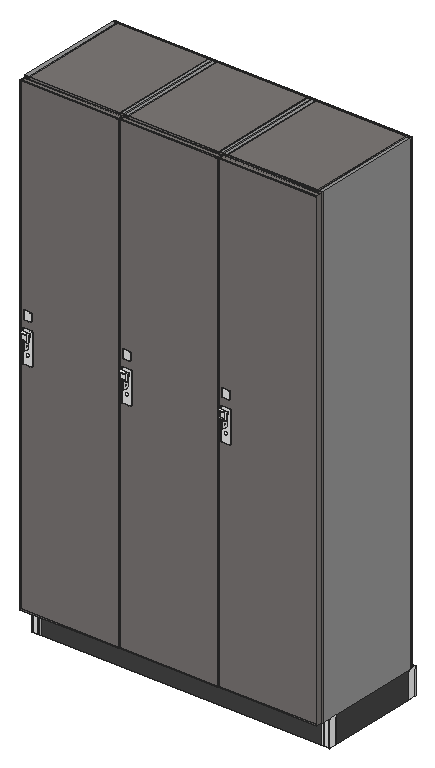
Revit family "Wood_Lockers_Hasps-Salsbury_Industries-15_41000_Series-3_Wide_Units.rfa", category Specialty Equipment, Revit 2016
Family settings
  Part Type = Normal
  Round Connector Dimension = Use Diameter
  OmniClass Number = 23.40.00.00
  OmniClass Title = Equipment and Furnishings
  Work Plane-Based = No
  Always vertical = Yes
  Cut with Voids When Loaded = No
  Shared = No
  Room Calculation Point = No
Parameters (values of type "15-41368")
  Width = 45.000"
  Version = "1.0 (01/31/24)"
  Unit Height including Sloping Hood Only [instance] = 78.868"
  Unit Height including Base Only [instance] = 76.000"
  URL = "www.lockers.com"
  Type Comments = "Premier Wood Lockers - Single Tier - with Hasps"
  Total Doors Height [instance] = if(Unit Height = 72.000", 71.750", if(Unit Height = 60.000", 59.750", 0.000"))  # 71.750"
  Sloping Top Corner Filler - Right Side [instance] = Wood Locker Sloping Corner Fillers : None
  Sloping Top Corner Filler - Left Side [instance] = Wood Locker Sloping Corner Fillers : None
  Sloping In-Line Filler - Right Side [instance] = Wood Locker Sloping In-Line Fillers : None
  Sloping In-Line Filler - Left Side = Wood Locker Sloping In-Line Fillers : None
  Sloping Hood Height = if(Depth = 15.000", 5.743", if(Depth = 18.000", 6.868", if(Depth = 21.000", 7.993", if(Depth = 24.000", 9.118", 0.000"))))  # 6.868"
  Sloping Hood [instance] = Wood Locker Sloping Hoods : None
  Side Panel without Slope - Right Side [instance] = Wood Locker Side Panels-No Slope : None
  Side Panel without Slope - Left Side [instance] = Wood Locker Side Panels-No Slope : None
  Side Panel with Slope - Right Side [instance] = Wood Locker Side Panels-With Slope : None
  Side Panel with Slope - Left Side [instance] = Wood Locker Side Panels-With Slope : None
  Secondary Structure Materials = Particle Board Industrial Grade - Salsbury Finish - Black Melamine Overlay
  Primary Structure Materials = Particle Board Industrial Grade - Salsbury Finish - Plain
  Overall Unit Height including Base and Sloping Hood [instance] = 82.868"
  OmniClass 23 Title = "Equipment and Furnishings"
  OmniClass 23 Number = "23.40.00.00"
  Model = "15-41368"
  MasterFormat Title = "Lockers"
  MasterFormat Code = "10 51 23"
  Manufacturer = "Salsbury Industries"
  Laminate Surface [instance] = Industrial Grade Particleboard with Wood Laminate - Salsbury Finish - Skyline Walnut
  Unit Height = 72.000"
  Interior Material = Textured Melamine - Salsbury Finish - White
  Individual Door Width [instance] = 14.875"
  Hardware = Aluminum - Salsbury Finish - Black Satin
  Front Vertical Filler - Right Side [instance] = Wood Locker Front Fillers : None
  Front Vertical Filler - Left Side [instance] = Wood Locker Front Fillers : None
  Front Corner Filler - Right Side [instance] = Wood Locker Front Corner Filler : None
  Front Corner Filler - Left Side [instance] = Wood Locker Front Corner Filler : None
  Flat Top In-Line Filler - Right Side [instance] = Wood Locker Flat In-Line Fillers : None
  Flat Top In-Line Filler - Left Side [instance] = Wood Locker Flat In-Line Fillers : None
  Flat Top Corner Filler - Right Side [instance] = Wood Locker Flat Corner Fillers : None
  Flat Top Corner Filler - Left Side [instance] = Wood Locker Flat Corner Fillers : None
  Fascia Filler [instance] = Wood Locker Fascia Fillers : None
  Double Side Panel without Slope - Right Side [instance] = Wood Locker Double Side Panels-No Slope : None
  Double Side Panel without Slope - Left Side [instance] = Wood Locker Double Side Panels-No Slope : None
  Double Side Panel with Slope - Right Side [instance] = Wood Locker Double Side Panels-With Slope : None
  Double Side Panel with Slope - Left Side [instance] = Wood Locker Double Side Panels-With Slope : None
  Door Location D1 = Premier Locker Doors_Hasp : Single Tier Door for Six Foot High Locker
  Description = "3 Wide - 6 Feet High - 18 inches Deep - with Base"
  Depth = 18.000"
  Compartment Width [instance] = 13.750"
  Compartment Height [instance] = if(Unit Height = 72.000", 70.500", if(Unit Height = 60.000", 58.500", 0.000"))  # 70.500"
  Compartment Depth [instance] = 16.750"
  Base Material [instance] = Particle Board Industrial Grade - Salsbury Finish - Black Melamine Overlay
  Base Height = 4.000"
  Base Depth [instance] = 16.250"
  Base = Wood Locker Bases : Base - 45" W x 18" D Lockers
  Assembly Code = "C1030310"
Reference planes (in)
  plane 1 "Center (Front/Back)": y = 0
  plane 2: z = 0
  plane 3 "Center (Left/Right)": x = 0
  plane 4 "Right Side of Unit": x = 22.5
  plane 5 "Left Side of Unit": x = -22.5
  plane 6 "Back of Unit": y = 9
  plane 7 "Front of Unit": y = -9
  plane 8 "Bottom of Base": z = 0
  plane 9 "Top Edge of Unit": z = 76
  plane 10 "Top of Base Edge": z = 4
  plane 11: z = 82.868
  plane 12 "Right Compartment 3 Edge": x = 21.906
  plane 13 "Left Compartment 1 Edge": x = -21.906
  plane 14 "Front Melamine Edge": y = -8
  plane 15 "Back Compartment Edge": y = 8.781
  plane 16 "Front Compartment Edge": y = -7.969
  plane 17 "Front Edge of Base": y = -6.625
  plane 18 "Bottom Edge of Door": z = 4.125
  plane 19 "Top Edge of Door": z = 75.875
  plane 20 "Bottom Compartment Edge": z = 4.75
  plane 21 "Top Compartment Edge": z = 75.25
  plane 22 "Center Top and Bottom": z = 40
  plane 23 "Left Melamine 1 Edge": x = -21.875
  plane 24 "Right Melamine 3 Edge": x = 21.875
  plane 25 "Back Melamine Edge": y = 8.75
  plane 26 "Left Edge of Door": x = -22.375
  plane 27: y = 9.625
  plane 28: y = -7.25
  plane 29 "Base / Ventillation Alignment": y = 9.625
  plane 30 "Compartment 1-2 Dividing Line": x = -7.5
  plane 31 "Compartment 2-3 Dividing Line": x = 7.5
  plane 32 "Right Compartment 1 Edge": x = -8.094
  plane 33 "Right Melamine 1 Edge": x = -8.125
  plane 34 "Left Compartment 2 Edge": x = -6.906
  plane 35 "Left Melamine 2 Edge": x = -6.875
  plane 36 "Right Compartment 2 Edge": x = 6.906
  plane 37 "Right Melamine 2 Edge": x = 6.875
  plane 38 "Left Compartment 3 Edge": x = 8.094
  plane 39 "Left Melamine 3 Edge": x = 8.125
  plane 40 "Compartment Shelf-top": z = 64.125
  plane 41 "Compartment Shelf-bottom": z = 63.375
  plane 42 "Compartment Extrusion Guide": z = 3.5
  plane 43 "Vertical Center of Compartment 1": x = -15
  plane 44 "Vertical Center of Compartment 3": x = 15
  plane 45: z = 75.281
  plane 46: z = 4.719
  plane 47: z = 63.406
  plane 48: z = 64.094
  plane 49 "Top of 5" Shelf": z = 58.875
  plane 50 "Bottom of 5" Shelf": z = 58.125
  plane 51 "Top of Shoe Shelf": z = 13.75
  plane 52 "Bottom of Shoe Shelf": z = 13
  plane 53 "Front of 5" Shelf": y = 3.75
  plane 54: y = 3.781
  plane 55: z = 58.844
  plane 56: z = 58.156
  plane 57: y = -2.969
  plane 58 "Front of Shoe Shelf": y = -3
Forms (in)
  Extrusion 1, solid, material "Particle Board Industrial Grade - Salsbury Finish - Plain" <- "Primary Structure Materials"
    sketch origin (22.5, 0, 0) x (0, -1, 0) y (0, 0, 1)
      loop
        line (7.969, 76) -> (-8.75, 76) -> (-8.75, 4) -> (7.969, 4) -> (7.969, 76)
    from 0 to 0.594
  Extrusion 2, solid, material "Particle Board Industrial Grade - Salsbury Finish - Plain" <- "Primary Structure Materials"
    sketch origin (-22.5, 0, 0) x (0, -1, 0) y (0, 0, 1)
      loop
        line (-8.75, 76) -> (-8.75, 4) -> (7.969, 4) -> (7.969, 76) -> (-8.75, 76)
    from 0 to -0.594
  Extrusion 3, solid, material "Particle Board Industrial Grade - Salsbury Finish - Black Melamine Overlay" <- "Secondary Structure Materials"
    sketch origin (0, 0, 4) x (0, -1, 0) y (1, 0, 0)
      loop
        line (-8.75, -21.875) -> (7.969, -21.875) -> (7.969, 21.875) -> (-8.75, 21.875) -> (-8.75, -21.875)
    from 0 to 0.719
  Extrusion 4, solid, material "Industrial Grade Particleboard with Wood Laminate - Salsbury Finish - Skyline Walnut" <- "Laminate Surface"
    sketch origin (0, 0, 76) x (0, -1, 0) y (1, 0, 0)
      loop
        line (-8.75, -21.875) -> (7.969, -21.875) -> (7.969, 21.875) -> (-8.75, 21.875) -> (-8.75, -21.875)
    from 0 to -0.75
  Extrusion 5, solid, material "Particle Board Industrial Grade - Salsbury Finish - Plain" <- "Primary Structure Materials"
    sketch origin (0, 9, 0) x (1, 0, 0) y (0, 0, 1)
      loop
        line (-22.5, 76) -> (-22.5, 4) -> (22.5, 4) -> (22.5, 76) -> (-22.5, 76)
    from 0 to 0.219
  Extrusion 6, solid, material "Industrial Grade Particleboard with Wood Laminate - Salsbury Finish - Skyline Walnut" <- "Laminate Surface"
    sketch origin (0, -7.969, 0) x (1, 0, 0) y (0, 0, 1)
      loop
        line (-22.5, 76) -> (-22.5, 4) -> (-21.875, 4) -> (-21.875, 76) -> (-22.5, 76)
    from 0 to 0.031
  Extrusion 7, solid, material "Industrial Grade Particleboard with Wood Laminate - Salsbury Finish - Skyline Walnut" <- "Laminate Surface"
    sketch origin (0, -7.969, 0) x (-1, 0, 0) y (0, 0, -1)
      loop
        line (-22.5, -76) -> (-21.875, -76) -> (-21.875, -4) -> (-22.5, -4) -> (-22.5, -76)
    from 0 to 0.031
  Extrusion 8, solid, material "Textured Melamine - Salsbury Finish - White" <- "Interior Material"
    sketch origin (0, 8.75, 0) x (1, 0, 0) y (0, 0, 1)
      loop
        line (-22.5, 76) -> (-22.5, 4) -> (22.5, 4) -> (22.5, 76) -> (-22.5, 76)
    from -0.031 to 0
  Extrusion 9, solid, material "Textured Melamine - Salsbury Finish - White" <- "Interior Material"
    sketch origin (-21.906, 0, 0) x (0, -1, 0) y (0, 0, 1)
      loop
        line (-8.75, 76) -> (-8.75, 4) -> (7.969, 4) -> (7.969, 76) -> (-8.75, 76)
    from 0 to -0.031
  Extrusion 10, solid, material "Textured Melamine - Salsbury Finish - White" <- "Interior Material"
    sketch origin (21.906, 0, 0) x (0, -1, 0) y (0, 0, 1)
      loop
        line (7.969, 76) -> (-8.75, 76) -> (-8.75, 4) -> (7.969, 4) -> (7.969, 76)
    from 0 to 0.031
  Extrusion 11, solid, material "Particle Board Industrial Grade - Salsbury Finish - Plain" <- "Primary Structure Materials", detail levels fine
    sketch origin (0, 0, 64.125) x (0, -1, 0) y (1, 0, 0)
      loop
        line (-8.75, -21.875) -> (7.969, -21.875) -> (7.969, 21.875) -> (-8.75, 21.875) -> (-8.75, -21.875)
    from -0.031 to -0.719
  Extrusion 12, void
    sketch origin (0, 0, 76) x (0, -1, 0) y (1, 0, 0)
      loop
        line (-8.75, -8.125) -> (8, -8.125) -> (8, -6.875) -> (-8.75, -6.875) -> (-8.75, -8.125)
    from -72.5 to 0
  Extrusion 13, void
    sketch origin (12, 0, 76) x (0, -1, 0) y (1, 0, 0)
      loop
        line (-8.75, -5.125) -> (8, -5.125) -> (8, -3.875) -> (-8.75, -3.875) -> (-8.75, -5.125)
    from -72.5 to 0
  Extrusion 14, solid, material "Particle Board Industrial Grade - Salsbury Finish - Plain" <- "Primary Structure Materials"
    sketch origin (6.0625, 0, 0) x (0, -1, 0) y (0, 0, 1)
      loop
        line (7.969, 76) -> (-8.75, 76) -> (-8.75, 4) -> (7.969, 4) -> (7.969, 76)
    from -1.4375 to -0.8435
  Extrusion 15, solid, material "Textured Melamine - Salsbury Finish - White" <- "Interior Material"
    sketch origin (5.4685, 0, 0) x (0, -1, 0) y (0, 0, 1)
      loop
        line (7.969, 76) -> (-8.75, 76) -> (-8.75, 4) -> (7.969, 4) -> (7.969, 76)
    from -1.4375 to -1.4065
  Extrusion 16, solid, material "Particle Board Industrial Grade - Salsbury Finish - Plain" <- "Primary Structure Materials"
    sketch origin (-5.9375, 0, 0) x (0, -1, 0) y (0, 0, 1)
      loop
        line (7.969, 76) -> (-8.75, 76) -> (-8.75, 4) -> (7.969, 4) -> (7.969, 76)
    from 1.5625 to 2.1565
  Extrusion 17, solid, material "Textured Melamine - Salsbury Finish - White" <- "Interior Material"
    sketch origin (-6.5315, 0, 0) x (0, -1, 0) y (0, 0, 1)
      loop
        line (7.969, 76) -> (-8.75, 76) -> (-8.75, 4) -> (7.969, 4) -> (7.969, 76)
    from 1.5625 to 1.5935
  Extrusion 18, solid, material "Particle Board Industrial Grade - Salsbury Finish - Plain" <- "Primary Structure Materials"
    sketch origin (-5.9375, 0, 0) x (0, -1, 0) y (0, 0, 1)
      loop
        line (-8.75, 76) -> (-8.75, 4) -> (7.969, 4) -> (7.969, 76) -> (-8.75, 76)
    from 1.5625 to 0.9685
  Extrusion 19, solid, material "Textured Melamine - Salsbury Finish - White" <- "Interior Material"
    sketch origin (-5.3435, 0, 0) x (0, -1, 0) y (0, 0, 1)
      loop
        line (-8.75, 76) -> (-8.75, 4) -> (7.969, 4) -> (7.969, 76) -> (-8.75, 76)
    from 1.5625 to 1.5315
  Extrusion 20, solid, material "Particle Board Industrial Grade - Salsbury Finish - Plain" <- "Primary Structure Materials"
    sketch origin (6.0625, 0, 0) x (0, -1, 0) y (0, 0, 1)
      loop
        line (-8.75, 76) -> (-8.75, 4) -> (7.969, 4) -> (7.969, 76) -> (-8.75, 76)
    from -1.4375 to -2.0315
  Extrusion 21, solid, material "Textured Melamine - Salsbury Finish - White" <- "Interior Material"
    sketch origin (6.6565, 0, 0) x (0, -1, 0) y (0, 0, 1)
      loop
        line (-8.75, 76) -> (-8.75, 4) -> (7.969, 4) -> (7.969, 76) -> (-8.75, 76)
    from -1.4375 to -1.4685
  Extrusion 22, solid, material "Industrial Grade Particleboard with Wood Laminate - Salsbury Finish - Skyline Walnut" <- "Laminate Surface"
    sketch origin (11.375, -7.969, 0) x (1, 0, 0) y (0, 0, 1)
      loop
        line (-19.5, 76) -> (-19.5, 4) -> (-18.25, 4) -> (-18.25, 76) -> (-19.5, 76)
    from 0 to 0.031
  Extrusion 23, solid, material "Industrial Grade Particleboard with Wood Laminate - Salsbury Finish - Skyline Walnut" <- "Laminate Surface"
    sketch origin (23.375, -7.969, 0) x (1, 0, 0) y (0, 0, 1)
      loop
        line (-16.5, 76) -> (-16.5, 4) -> (-15.25, 4) -> (-15.25, 76) -> (-16.5, 76)
    from 0 to 0.031
  Extrusion 24, solid, material "Industrial Grade Particleboard with Wood Laminate - Salsbury Finish - Skyline Walnut" <- "Laminate Surface"
    sketch origin (0, -8, 0) x (1, 0, 0) y (0, 0, 1)
      loop
        line (-21.875, 76) -> (-21.875, 75.25) -> (-8.125, 75.25) -> (-8.125, 76) -> (-21.875, 76)
      loop
        line (-6.875, 76) -> (-6.875, 75.25) -> (6.875, 75.25) -> (6.875, 76) -> (-6.875, 76)
      loop
        line (8.125, 76) -> (8.125, 75.25) -> (21.875, 75.25) -> (21.875, 76) -> (8.125, 76)
    from -0.031 to 0
  Extrusion 25, solid, material "Industrial Grade Particleboard with Wood Laminate - Salsbury Finish - Skyline Walnut" <- "Laminate Surface"
    sketch origin (0, -8, -11.875) x (1, 0, 0) y (0, 0, 1)
      loop
        line (-21.875, 76) -> (-21.875, 75.25) -> (-8.125, 75.25) -> (-8.125, 76) -> (-21.875, 76)
      loop
        line (-6.875, 76) -> (-6.875, 75.25) -> (6.875, 75.25) -> (6.875, 76) -> (-6.875, 76)
      loop
        line (8.125, 76) -> (8.125, 75.25) -> (21.875, 75.25) -> (21.875, 76) -> (8.125, 76)
    from -0.031 to 0
  Extrusion 26, solid, material "Industrial Grade Particleboard with Wood Laminate - Salsbury Finish - Skyline Walnut" <- "Laminate Surface"
    sketch origin (0, -8, -71.25) x (1, 0, 0) y (0, 0, 1)
      loop
        line (-21.875, 76) -> (-21.875, 75.25) -> (-8.125, 75.25) -> (-8.125, 76) -> (-21.875, 76)
      loop
        line (-6.875, 76) -> (-6.875, 75.25) -> (6.875, 75.25) -> (6.875, 76) -> (-6.875, 76)
      loop
        line (8.125, 76) -> (8.125, 75.25) -> (21.875, 75.25) -> (21.875, 76) -> (8.125, 76)
    from -0.031 to 0
  Extrusion 27, solid, material "Textured Melamine - Salsbury Finish - White" <- "Interior Material"
    sketch origin (0, 0, 4.75) x (0, -1, 0) y (1, 0, 0)
      loop
        line (-8.75, -21.875) -> (7.969, -21.875) -> (7.969, 21.875) -> (-8.75, 21.875) -> (-8.75, -21.875)
    from -0.031 to 0
  Extrusion 28, solid, material "Textured Melamine - Salsbury Finish - White" <- "Interior Material"
    sketch origin (0, 0, 64.125) x (0, -1, 0) y (1, 0, 0)
      loop
        line (-8.75, -21.875) -> (7.969, -21.875) -> (7.969, 21.875) -> (-8.75, 21.875) -> (-8.75, -21.875)
    from -0.031 to 0
  Extrusion 29, solid, material "Textured Melamine - Salsbury Finish - White" <- "Interior Material"
    sketch origin (0, 0, 63.375) x (0, -1, 0) y (1, 0, 0)
      loop
        line (-8.75, -21.875) -> (7.969, -21.875) -> (7.969, 21.875) -> (-8.75, 21.875) -> (-8.75, -21.875)
    from 0 to 0.031
  Extrusion 30, solid, material "Particle Board Industrial Grade - Salsbury Finish - Plain" <- "Primary Structure Materials", detail levels fine
    sketch origin (0, 0, 58.875) x (0, -1, 0) y (1, 0, 0)
      loop
        line (-8.75, -21.875) -> (-3.781, -21.875) -> (-3.781, 21.875) -> (-8.75, 21.875) -> (-8.75, -21.875)
    from -0.031 to -0.719
  Extrusion 31, solid, material "Industrial Grade Particleboard with Wood Laminate - Salsbury Finish - Skyline Walnut" <- "Laminate Surface"
    sketch origin (0, 3.75, 0) x (1, 0, 0) y (0, 0, 1)
      loop
        line (-21.875, 58.875) -> (-21.875, 58.125) -> (-8.125, 58.125) -> (-8.125, 58.875) -> (-21.875, 58.875)
      loop
        line (-6.875, 58.875) -> (-6.875, 58.125) -> (6.875, 58.125) -> (6.875, 58.875) -> (-6.875, 58.875)
      loop
        line (8.125, 58.875) -> (8.125, 58.125) -> (21.875, 58.125) -> (21.875, 58.875) -> (8.125, 58.875)
    from -0.031 to 0
  Extrusion 32, solid, material "Textured Melamine - Salsbury Finish - White" <- "Interior Material"
    sketch origin (0, 0, 58.875) x (0, -1, 0) y (1, 0, 0)
      loop
        line (-8.75, -21.875) -> (-3.781, -21.875) -> (-3.781, 21.875) -> (-8.75, 21.875) -> (-8.75, -21.875)
    from -0.031 to 0
  Extrusion 33, solid, material "Textured Melamine - Salsbury Finish - White" <- "Interior Material"
    sketch origin (0, 0, 58.125) x (0, -1, 0) y (1, 0, 0)
      loop
        line (-8.75, -21.875) -> (-3.781, -21.875) -> (-3.781, 21.875) -> (-8.75, 21.875) -> (-8.75, -21.875)
    from 0 to 0.031
  Extrusion 34, solid, material "Particle Board Industrial Grade - Salsbury Finish - Black Melamine Overlay" <- "Secondary Structure Materials", detail levels fine
    sketch origin (0, 0, 13.75) x (0, -1, 0) y (1, 0, 0)
      loop
        line (-8.75, -21.875) -> (2.969, -21.875) -> (2.969, 21.875) -> (-8.75, 21.875) -> (-8.75, -21.875)
    from -0.031 to -0.719
  Extrusion 35, solid, material "Industrial Grade Particleboard with Wood Laminate - Salsbury Finish - Skyline Walnut" <- "Laminate Surface"
    sketch origin (0, -3, 0) x (1, 0, 0) y (0, 0, 1)
      loop
        line (-21.875, 13.75) -> (-21.875, 13) -> (-8.125, 13) -> (-8.125, 13.75) -> (-21.875, 13.75)
      loop
        line (-6.875, 13.75) -> (-6.875, 13) -> (6.875, 13) -> (6.875, 13.75) -> (-6.875, 13.75)
      loop
        line (8.125, 13.75) -> (8.125, 13) -> (21.875, 13) -> (21.875, 13.75) -> (8.125, 13.75)
    from -0.031 to 0
  Extrusion 36, solid, material "Textured Melamine - Salsbury Finish - White" <- "Interior Material"
    sketch origin (0, 0, 13.75) x (0, -1, 0) y (1, 0, 0)
      loop
        line (-8.75, -21.875) -> (2.969, -21.875) -> (2.969, 21.875) -> (-8.75, 21.875) -> (-8.75, -21.875)
    from -0.031 to 0
  Extrusion 37, solid, material "Textured Melamine - Salsbury Finish - White" <- "Interior Material"
    sketch origin (0, 0, 13) x (0, -1, 0) y (1, 0, 0)
      loop
        line (-8.75, -21.875) -> (2.969, -21.875) -> (2.969, 21.875) -> (-8.75, 21.875) -> (-8.75, -21.875)
    from 0 to 0.031
Cuts and joins
  Extrusion 12, Extrusion 13 cuts Extrusion 4
  Extrusion 12, Extrusion 13 cuts Extrusion 11
  Extrusion 12, Extrusion 13 cuts Extrusion 3
  Extrusion 13 cuts Extrusion 8
Lines and regions (in)
  symbolic lines
    curve 1: line (-22.5, 8.75, 76) -> (22.50006, 8.75, 76)
    curve 2: line (-22.5, 8.75, 0) -> (-22.5, 8.75, 76)
    curve 3: line (22.50006, 8.75, 76) -> (22.50006, 8.75, 0)
    curve 4: line (21.906, -8, 76) -> (21.906, 9.625, 76)
    curve 5: line (21.906, -8, 0) -> (21.906, -8, 76)
    curve 6: line (21.906, 9.625, 76) -> (21.906, 9.625, 0)
    curve 7: line (22.50006, 8.75, 0) -> (-22.5, 8.75, 0)
    curve 8: line (21.906, -6.625, 0) -> (21.906, 9.625, 0)
    curve 9: line (21.906, 9.625, 0) -> (21.906, -6.625, 0)
    curve 10: line (21.906, -8, 0) -> (21.906, 9.625, 0)
    curve 11: line (-22.5, 9.625, 0) -> (22.5, 9.625, 0)
    curve 12: line (-22.5, -8, 0) -> (-22.5, 9.625, 0)
    curve 13: line (22.5, -8, 0) -> (-22.5, -8, 0)
    curve 14: line (22.5, 9.625, 0) -> (22.5, -8, 0)
Dimensions and locks (in)
  equal spacing: plane 5 "Left Side of Unit", plane 43 "Vertical Center of Compartment 1", plane 30 "Compartment 1-2 Dividing Line", plane 3 "Center (Left/Right)", plane 31 "Compartment 2-3 Dividing Line", plane 44 "Vertical Center of Compartment 3", plane 4 "Right Side of Unit"
  "Width": plane 5 "Left Side of Unit" to plane 4 "Right Side of Unit"
  equal spacing: plane 7 "Front of Unit", plane 1 "Center (Front/Back)", plane 6 "Back of Unit"
  "Depth": plane 7 "Front of Unit" to plane 6 "Back of Unit"
  "Base Height": plane 10 "Top of Base Edge" to plane 8 "Bottom of Base"
  "Unit Height": plane 9 "Top Edge of Unit" to plane 10 "Top of Base Edge"
  "Sloping Hood Height": plane 11 to plane 9 "Top Edge of Unit"
  locked: plane 12 "Right Compartment 3 Edge" to plane 4 "Right Side of Unit" at 0.594
  locked: plane 5 "Left Side of Unit" to plane 13 "Left Compartment 1 Edge" at 0.594
  locked: plane 7 "Front of Unit" to plane 14 "Front Melamine Edge" at 1
  locked: plane 15 "Back Compartment Edge" to plane 6 "Back of Unit" at 0.219
  locked: plane 14 "Front Melamine Edge" to plane 16 "Front Compartment Edge" at 0.031
  plane 18 "Bottom Edge of Door" to plane 10 "Top of Base Edge" = 0.125"
  plane 9 "Top Edge of Unit" to plane 19 "Top Edge of Door" = 0.125"
  plane 20 "Bottom Compartment Edge" to plane 10 "Top of Base Edge" = 0.750"
  plane 9 "Top Edge of Unit" to plane 21 "Top Compartment Edge" = 0.750"
  equal spacing: plane 9 "Top Edge of Unit", plane 22 "Center Top and Bottom", plane 10 "Top of Base Edge"
  locked: plane 24 "Right Melamine 3 Edge" to plane 12 "Right Compartment 3 Edge" at 0.031
  locked: plane 13 "Left Compartment 1 Edge" to plane 23 "Left Melamine 1 Edge" at 0.031
  locked: plane 25 "Back Melamine Edge" to plane 15 "Back Compartment Edge" at 0.031
  locked: plane 5 "Left Side of Unit" to plane 26 "Left Edge of Door" at 0.125
  "Individual Door Width": plane 26 "Left Edge of Door" to plane 30 "Compartment 1-2 Dividing Line"
  "Total Doors Height": plane 19 "Top Edge of Door" to plane 18 "Bottom Edge of Door"
  "Unit Height including Base Only": plane 9 "Top Edge of Unit" to plane 8 "Bottom of Base"
  "Unit Height including Sloping Hood Only": plane 11 to plane 10 "Top of Base Edge"
  "Overall Unit Height including Base and Sloping Hood": plane 11 to plane 8 "Bottom of Base"
  locked: plane 7 "Front of Unit" to plane 17 "Front Edge of Base" at 2.375
  locked: plane 6 "Back of Unit" to plane 27 at 0.625
  "Base Depth": plane 17 "Front Edge of Base" to plane 27
  "Compartment Width": plane 23 "Left Melamine 1 Edge" to plane 33 "Right Melamine 1 Edge"
  "Compartment Height": plane 21 "Top Compartment Edge" to plane 20 "Bottom Compartment Edge"
  "Compartment Depth": plane 14 "Front Melamine Edge" to plane 25 "Back Melamine Edge"
  locked: plane 14 "Front Melamine Edge" to plane 28 at 0.75
  plane 14 "Front Melamine Edge" to plane 27 = 17.625"
  Extrusion 2 to Extrusion 9 = 16.719"
  plane 6 "Back of Unit" to plane 29 "Base / Ventillation Alignment" = 0.625"
  plane 32 "Right Compartment 1 Edge" to plane 30 "Compartment 1-2 Dividing Line" to plane 34 "Left Compartment 2 Edge" = 0.594" locked, 0.594" locked
  plane 36 "Right Compartment 2 Edge" to plane 31 "Compartment 2-3 Dividing Line" to plane 38 "Left Compartment 3 Edge" = 0.594" locked, 0.594" locked
  locked: plane 37 "Right Melamine 2 Edge" to plane 36 "Right Compartment 2 Edge" at 0.031
  locked: plane 38 "Left Compartment 3 Edge" to plane 39 "Left Melamine 3 Edge" at 0.031
  locked: plane 34 "Left Compartment 2 Edge" to plane 35 "Left Melamine 2 Edge" at 0.031
  plane 33 "Right Melamine 1 Edge" to plane 32 "Right Compartment 1 Edge" = 0.031"
  locked: plane 21 "Top Compartment Edge" to plane 40 "Compartment Shelf-top" at 11.125
  locked: plane 40 "Compartment Shelf-top" to plane 41 "Compartment Shelf-bottom" at 0.75
  locked: plane 10 "Top of Base Edge" to plane 42 "Compartment Extrusion Guide" at 0.5
  plane 45 to plane 21 "Top Compartment Edge" = 0.031"
  locked: plane 20 "Bottom Compartment Edge" to plane 46 at 0.031
  plane 40 "Compartment Shelf-top" to plane 48 = 0.031"
  locked: plane 47 to plane 41 "Compartment Shelf-bottom" at 0.031
  locked: plane 41 "Compartment Shelf-bottom" to plane 49 "Top of 5" Shelf" at 4.5
  locked: plane 49 "Top of 5" Shelf" to plane 50 "Bottom of 5" Shelf" at 0.75
  locked: plane 53 "Front of 5" Shelf" to plane 25 "Back Melamine Edge" at 5
  locked: plane 53 "Front of 5" Shelf" to plane 54 at 0.031
  locked: plane 49 "Top of 5" Shelf" to plane 55 at 0.031
  locked: plane 56 to plane 50 "Bottom of 5" Shelf" at 0.031
  locked: plane 58 "Front of Shoe Shelf" to plane 25 "Back Melamine Edge" at 11.75
  locked: plane 58 "Front of Shoe Shelf" to plane 57 at 0.031
  plane 51 "Top of Shoe Shelf" to plane 52 "Bottom of Shoe Shelf" = 0.750"
  locked: plane 52 "Bottom of Shoe Shelf" to plane 20 "Bottom Compartment Edge" at 8.25
  aligned and locked: level to plane 2
  aligned and locked: plane 15 "Back Compartment Edge" to Extrusion 5
  aligned and locked: plane 4 "Right Side of Unit" to nested 1
  aligned and locked: plane 18 "Bottom Edge of Door" to nested 1
  aligned and locked: plane 7 "Front of Unit" to nested 1
  aligned and locked: plane 9 "Top Edge of Unit" to nested 2
  aligned and locked: plane 28 to nested 2
  aligned and locked: nested 3 to plane 28
  aligned and locked: plane 5 "Left Side of Unit" to nested 3
  aligned and locked: plane 4 "Right Side of Unit" to nested 2
  aligned and locked: nested 3 to plane 9 "Top Edge of Unit"
  aligned and locked: plane 14 "Front Melamine Edge" to nested 4
  aligned and locked: plane 4 "Right Side of Unit" to nested 4
  aligned and locked: plane 14 "Front Melamine Edge" to nested 5
  aligned and locked: plane 5 "Left Side of Unit" to nested 5
  aligned and locked: nested 4 to plane 8 "Bottom of Base"
  aligned and locked: nested 5 to plane 8 "Bottom of Base"
  aligned and locked: nested 6 to plane 5 "Left Side of Unit"
  aligned and locked: nested 7 to plane 4 "Right Side of Unit"
  aligned and locked: nested 7 to plane 14 "Front Melamine Edge"
  aligned and locked: nested 6 to plane 14 "Front Melamine Edge"
  aligned and locked: plane 8 "Bottom of Base" to nested 7
  aligned and locked: plane 8 "Bottom of Base" to nested 6
  aligned and locked: plane 17 "Front Edge of Base" to nested 8
  aligned and locked: nested 10 to plane 9 "Top Edge of Unit"
  aligned and locked: plane 4 "Right Side of Unit" to nested 10
  aligned and locked: nested 9 to plane 9 "Top Edge of Unit"
  aligned and locked: plane 5 "Left Side of Unit" to nested 9
  aligned and locked: nested 10 to plane 28
  aligned and locked: nested 9 to plane 28
  aligned and locked: nested 8 to plane 8 "Bottom of Base"
  aligned and locked: plane 3 "Center (Left/Right)" to nested 8
  aligned and locked: plane 25 "Back Melamine Edge" to Extrusion 3 sketch curve
  aligned and locked: Extrusion 3 sketch curve to plane 23 "Left Melamine 1 Edge"
  aligned and locked: plane 24 "Right Melamine 3 Edge" to Extrusion 3 sketch curve
  aligned and locked: plane 25 "Back Melamine Edge" to Extrusion 4 sketch curve
  aligned and locked: plane 24 "Right Melamine 3 Edge" to Extrusion 4 sketch curve
  aligned and locked: Extrusion 4 sketch curve to plane 23 "Left Melamine 1 Edge"
  aligned and locked: Extrusion 2 sketch curve to plane 9 "Top Edge of Unit"
  aligned and locked: plane 16 "Front Compartment Edge" to Extrusion 2 sketch curve
  aligned and locked: Extrusion 2 sketch curve to plane 25 "Back Melamine Edge"
  aligned and locked: plane 10 "Top of Base Edge" to Extrusion 2 sketch curve
  aligned and locked: Extrusion 2 to plane 13 "Left Compartment 1 Edge"
  aligned and locked: plane 5 "Left Side of Unit" to Extrusion 2
  aligned and locked: plane 10 "Top of Base Edge" to Extrusion 9 sketch curve
  aligned and locked: Extrusion 9 sketch curve to plane 25 "Back Melamine Edge"
  aligned and locked: Extrusion 9 sketch curve to plane 9 "Top Edge of Unit"
  aligned and locked: Extrusion 1 sketch curve to plane 16 "Front Compartment Edge"
  aligned and locked: plane 9 "Top Edge of Unit" to Extrusion 1 sketch curve
  aligned and locked: Extrusion 1 sketch curve to plane 10 "Top of Base Edge"
  aligned and locked: plane 25 "Back Melamine Edge" to Extrusion 1 sketch curve
  aligned and locked: Extrusion 1 to plane 4 "Right Side of Unit"
  aligned and locked: plane 12 "Right Compartment 3 Edge" to Extrusion 1
  aligned and locked: Extrusion 10 sketch curve to plane 10 "Top of Base Edge"
  aligned and locked: plane 25 "Back Melamine Edge" to Extrusion 10 sketch curve
  aligned and locked: Extrusion 10 sketch curve to plane 16 "Front Compartment Edge"
  aligned and locked: plane 9 "Top Edge of Unit" to Extrusion 10 sketch curve
  aligned and locked: Extrusion 10 to plane 12 "Right Compartment 3 Edge"
  aligned and locked: plane 24 "Right Melamine 3 Edge" to Extrusion 10
  aligned and locked: Extrusion 8 sketch curve to plane 10 "Top of Base Edge"
  aligned and locked: plane 4 "Right Side of Unit" to Extrusion 8 sketch curve
  aligned and locked: plane 9 "Top Edge of Unit" to Extrusion 8 sketch curve
  aligned and locked: Extrusion 8 sketch curve to plane 5 "Left Side of Unit"
  aligned and locked: Extrusion 8 to plane 15 "Back Compartment Edge"
  aligned and locked: plane 25 "Back Melamine Edge" to Extrusion 8
  aligned and locked: plane 9 "Top Edge of Unit" to Extrusion 5 sketch curve
  aligned and locked: Extrusion 5 sketch curve to plane 5 "Left Side of Unit"
  aligned and locked: Extrusion 5 sketch curve to plane 10 "Top of Base Edge"
  aligned and locked: plane 4 "Right Side of Unit" to Extrusion 5 sketch curve
  aligned and locked: Extrusion 7 sketch curve to plane 9 "Top Edge of Unit"
  aligned and locked: Extrusion 7 sketch curve to plane 4 "Right Side of Unit"
  aligned and locked: plane 24 "Right Melamine 3 Edge" to Extrusion 7 sketch curve
  aligned and locked: plane 10 "Top of Base Edge" to Extrusion 7 sketch curve
  aligned and locked: Extrusion 7 to plane 16 "Front Compartment Edge"
  aligned and locked: plane 14 "Front Melamine Edge" to Extrusion 7
  aligned and locked: plane 10 "Top of Base Edge" to Extrusion 6 sketch curve
  aligned and locked: plane 23 "Left Melamine 1 Edge" to Extrusion 6 sketch curve
  aligned and locked: Extrusion 6 sketch curve to plane 5 "Left Side of Unit"
  aligned and locked: plane 9 "Top Edge of Unit" to Extrusion 6 sketch curve
  aligned and locked: Extrusion 6 to plane 16 "Front Compartment Edge"
  aligned and locked: Extrusion 6 to plane 14 "Front Melamine Edge"
  aligned and locked: plane 16 "Front Compartment Edge" to Extrusion 9
  aligned and locked: plane 13 "Left Compartment 1 Edge" to Extrusion 9
  aligned and locked: curve 2 to nested 5
  aligned and locked: nested 4 to curve 5
  aligned and locked: curve 9 to nested 8
  aligned and locked: curve 10 to nested 4
  aligned and locked: curve 13 to plane 14 "Front Melamine Edge"
  aligned and locked: curve 12 to plane 5 "Left Side of Unit"
  aligned and locked: plane 29 "Base / Ventillation Alignment" to curve 11
  aligned and locked: plane 29 "Base / Ventillation Alignment" to curve 6
  aligned and locked: plane 14 "Front Melamine Edge" to nested 11
  aligned and locked: plane 9 "Top Edge of Unit" to nested 11
  aligned and locked: plane 3 "Center (Left/Right)" to nested 11
  aligned and locked: plane 25 "Back Melamine Edge" to Extrusion 11 sketch curve
  aligned and locked: Extrusion 11 sketch curve to plane 23 "Left Melamine 1 Edge"
  aligned and locked: plane 24 "Right Melamine 3 Edge" to Extrusion 11 sketch curve
  aligned and locked: Extrusion 12 sketch curve to plane 25 "Back Melamine Edge"
  aligned and locked: plane 33 "Right Melamine 1 Edge" to Extrusion 12 sketch curve
  aligned and locked: plane 14 "Front Melamine Edge" to Extrusion 12 sketch curve
  aligned and locked: Extrusion 12 sketch curve to plane 35 "Left Melamine 2 Edge"
  aligned and locked: Extrusion 12 to plane 9 "Top Edge of Unit"
  aligned and locked: plane 42 "Compartment Extrusion Guide" to Extrusion 12
  aligned and locked: Extrusion 13 sketch curve to plane 37 "Right Melamine 2 Edge"
  aligned and locked: plane 39 "Left Melamine 3 Edge" to Extrusion 13 sketch curve
  aligned and locked: plane 25 "Back Melamine Edge" to Extrusion 13 sketch curve
  aligned and locked: Extrusion 13 sketch curve to plane 14 "Front Melamine Edge"
  aligned and locked: plane 42 "Compartment Extrusion Guide" to Extrusion 13
  aligned and locked: Extrusion 13 to plane 9 "Top Edge of Unit"
  aligned and locked: plane 9 "Top Edge of Unit" to Extrusion 14 sketch curve
  aligned and locked: plane 25 "Back Melamine Edge" to Extrusion 14 sketch curve
  aligned and locked: Extrusion 14 sketch curve to plane 10 "Top of Base Edge"
  aligned and locked: Extrusion 14 sketch curve to plane 16 "Front Compartment Edge"
  aligned and locked: plane 36 "Right Compartment 2 Edge" to Extrusion 14
  aligned and locked: Extrusion 14 to plane 31 "Compartment 2-3 Dividing Line"
  aligned and locked: plane 25 "Back Melamine Edge" to Extrusion 15 sketch curve
  aligned and locked: plane 9 "Top Edge of Unit" to Extrusion 15 sketch curve
  aligned and locked: Extrusion 15 sketch curve to plane 10 "Top of Base Edge"
  aligned and locked: Extrusion 15 sketch curve to plane 16 "Front Compartment Edge"
  aligned and locked: Extrusion 15 to plane 36 "Right Compartment 2 Edge"
  aligned and locked: plane 37 "Right Melamine 2 Edge" to Extrusion 15
  aligned and locked: plane 25 "Back Melamine Edge" to Extrusion 16 sketch curve
  aligned and locked: plane 9 "Top Edge of Unit" to Extrusion 16 sketch curve
  aligned and locked: Extrusion 16 sketch curve to plane 10 "Top of Base Edge"
  aligned and locked: Extrusion 16 sketch curve to plane 16 "Front Compartment Edge"
  aligned and locked: plane 32 "Right Compartment 1 Edge" to Extrusion 16
  aligned and locked: Extrusion 16 to plane 30 "Compartment 1-2 Dividing Line"
  aligned and locked: plane 25 "Back Melamine Edge" to Extrusion 17 sketch curve
  aligned and locked: plane 9 "Top Edge of Unit" to Extrusion 17 sketch curve
  aligned and locked: Extrusion 17 sketch curve to plane 10 "Top of Base Edge"
  aligned and locked: Extrusion 17 sketch curve to plane 16 "Front Compartment Edge"
  aligned and locked: Extrusion 17 to plane 32 "Right Compartment 1 Edge"
  aligned and locked: plane 33 "Right Melamine 1 Edge" to Extrusion 17
  aligned and locked: plane 10 "Top of Base Edge" to Extrusion 18 sketch curve
  aligned and locked: plane 16 "Front Compartment Edge" to Extrusion 18 sketch curve
  aligned and locked: Extrusion 18 sketch curve to plane 25 "Back Melamine Edge"
  aligned and locked: Extrusion 18 sketch curve to plane 9 "Top Edge of Unit"
  aligned and locked: Extrusion 18 to plane 34 "Left Compartment 2 Edge"
  aligned and locked: plane 30 "Compartment 1-2 Dividing Line" to Extrusion 18
  aligned and locked: Extrusion 19 sketch curve to plane 25 "Back Melamine Edge"
  aligned and locked: Extrusion 19 sketch curve to plane 9 "Top Edge of Unit"
  aligned and locked: plane 10 "Top of Base Edge" to Extrusion 19 sketch curve
  aligned and locked: plane 16 "Front Compartment Edge" to Extrusion 19 sketch curve
  aligned and locked: Extrusion 19 to plane 35 "Left Melamine 2 Edge"
  aligned and locked: plane 34 "Left Compartment 2 Edge" to Extrusion 19
  aligned and locked: plane 16 "Front Compartment Edge" to Extrusion 20 sketch curve
  aligned and locked: plane 10 "Top of Base Edge" to Extrusion 20 sketch curve
  aligned and locked: Extrusion 20 sketch curve to plane 9 "Top Edge of Unit"
  aligned and locked: Extrusion 20 sketch curve to plane 25 "Back Melamine Edge"
  aligned and locked: plane 31 "Compartment 2-3 Dividing Line" to Extrusion 20
  aligned and locked: Extrusion 20 to plane 38 "Left Compartment 3 Edge"
  aligned and locked: Extrusion 21 sketch curve to plane 25 "Back Melamine Edge"
  aligned and locked: Extrusion 21 sketch curve to plane 9 "Top Edge of Unit"
  aligned and locked: plane 10 "Top of Base Edge" to Extrusion 21 sketch curve
  aligned and locked: plane 16 "Front Compartment Edge" to Extrusion 21 sketch curve
  aligned and locked: Extrusion 21 to plane 39 "Left Melamine 3 Edge"
  aligned and locked: plane 38 "Left Compartment 3 Edge" to Extrusion 21
  aligned and locked: plane 31 "Compartment 2-3 Dividing Line" to nested 12
  aligned and locked: plane 30 "Compartment 1-2 Dividing Line" to nested 13
  aligned and locked: plane 18 "Bottom Edge of Door" to nested 12
  aligned and locked: nested 13 to plane 18 "Bottom Edge of Door"
  aligned and locked: plane 7 "Front of Unit" to nested 12
  aligned and locked: plane 7 "Front of Unit" to nested 13
  aligned and locked: Extrusion 22 sketch curve to plane 33 "Right Melamine 1 Edge"
  aligned and locked: plane 9 "Top Edge of Unit" to Extrusion 22 sketch curve
  aligned and locked: plane 35 "Left Melamine 2 Edge" to Extrusion 22 sketch curve
  aligned and locked: Extrusion 22 sketch curve to plane 10 "Top of Base Edge"
  aligned and locked: Extrusion 22 to plane 16 "Front Compartment Edge"
  aligned and locked: plane 14 "Front Melamine Edge" to Extrusion 22
  aligned and locked: plane 9 "Top Edge of Unit" to Extrusion 23 sketch curve
  aligned and locked: Extrusion 23 sketch curve to plane 37 "Right Melamine 2 Edge"
  aligned and locked: plane 39 "Left Melamine 3 Edge" to Extrusion 23 sketch curve
  aligned and locked: Extrusion 23 sketch curve to plane 10 "Top of Base Edge"
  aligned and locked: Extrusion 23 to plane 16 "Front Compartment Edge"
  aligned and locked: plane 14 "Front Melamine Edge" to Extrusion 23
  aligned and locked: plane 16 "Front Compartment Edge" to Extrusion 4
  aligned and locked: plane 16 "Front Compartment Edge" to Extrusion 11
  aligned and locked: plane 16 "Front Compartment Edge" to Extrusion 3
  aligned and locked: Extrusion 24 sketch curve to cut or joined group of Extrusion 4, Extrusion 12, Extrusion 13  (x5)
  aligned and locked: Extrusion 24 sketch curve to plane 23 "Left Melamine 1 Edge"
  aligned and locked: Extrusion 24 sketch curve to plane 35 "Left Melamine 2 Edge"
  aligned and locked: plane 9 "Top Edge of Unit" to Extrusion 24 sketch curve
  aligned and locked: Extrusion 24 sketch curve to plane 39 "Left Melamine 3 Edge"
  aligned and locked: Extrusion 24 to plane 16 "Front Compartment Edge"
  aligned and locked: Extrusion 24 to plane 14 "Front Melamine Edge"
  aligned and locked: Extrusion 25 sketch curve to plane 23 "Left Melamine 1 Edge"
  aligned and locked: plane 40 "Compartment Shelf-top" to Extrusion 25 sketch curve  (x3)
  aligned and locked: Extrusion 25 sketch curve to plane 41 "Compartment Shelf-bottom"  (x3)
  aligned and locked: plane 33 "Right Melamine 1 Edge" to Extrusion 25 sketch curve
  aligned and locked: Extrusion 25 sketch curve to plane 35 "Left Melamine 2 Edge"
  aligned and locked: plane 37 "Right Melamine 2 Edge" to Extrusion 25 sketch curve
  aligned and locked: Extrusion 25 sketch curve to plane 39 "Left Melamine 3 Edge"
  aligned and locked: plane 24 "Right Melamine 3 Edge" to Extrusion 25 sketch curve
  aligned and locked: Extrusion 26 sketch curve to plane 23 "Left Melamine 1 Edge"
  aligned and locked: Extrusion 26 sketch curve to plane 20 "Bottom Compartment Edge"
  aligned and locked: Extrusion 26 sketch curve to plane 10 "Top of Base Edge"  (x3)
  aligned and locked: plane 33 "Right Melamine 1 Edge" to Extrusion 26 sketch curve
  aligned and locked: Extrusion 26 sketch curve to plane 35 "Left Melamine 2 Edge"
  aligned and locked: plane 20 "Bottom Compartment Edge" to Extrusion 26 sketch curve  (x2)
  aligned and locked: plane 37 "Right Melamine 2 Edge" to Extrusion 26 sketch curve
  aligned and locked: plane 24 "Right Melamine 3 Edge" to Extrusion 26 sketch curve
  aligned and locked: Extrusion 24 sketch curve to plane 21 "Top Compartment Edge"
  aligned and locked: Extrusion 27 sketch curve to cut or joined group of Extrusion 4, Extrusion 12, Extrusion 13  (x2)
  aligned and locked: Extrusion 27 sketch curve to Extrusion 9
  aligned and locked: Extrusion 27 sketch curve to Extrusion 10
  aligned and locked: Extrusion 27 to plane 46
  aligned and locked: Extrusion 27 to plane 20 "Bottom Compartment Edge"
  aligned and locked: Extrusion 3 to plane 46
  aligned and locked: Extrusion 28 sketch curve to cut or joined group of Extrusion 4, Extrusion 12, Extrusion 13
  aligned and locked: Extrusion 28 sketch curve to Extrusion 10
  aligned and locked: plane 25 "Back Melamine Edge" to Extrusion 28 sketch curve
  aligned and locked: Extrusion 28 sketch curve to plane 23 "Left Melamine 1 Edge"
  aligned and locked: Extrusion 28 to plane 48
  aligned and locked: Extrusion 28 to plane 40 "Compartment Shelf-top"
  aligned and locked: Extrusion 11 to plane 48
  aligned and locked: Extrusion 11 to plane 47
  aligned and locked: Extrusion 29 sketch curve to cut or joined group of Extrusion 4, Extrusion 12, Extrusion 13  (x2)
  aligned and locked: Extrusion 29 sketch curve to Extrusion 9
  aligned and locked: Extrusion 29 sketch curve to Extrusion 10
  aligned and locked: plane 41 "Compartment Shelf-bottom" to Extrusion 29
  aligned and locked: Extrusion 29 to cut or joined group of Extrusion 11, Extrusion 12, Extrusion 13
  aligned and locked: plane 54 to Extrusion 33
  aligned and locked: Extrusion 33 to Extrusion 32
  aligned and locked: Extrusion 32 to Extrusion 30
  aligned and locked: Extrusion 31 to Extrusion 30
  aligned and locked: plane 53 "Front of 5" Shelf" to Extrusion 31
  aligned and locked: plane 49 "Top of 5" Shelf" to Extrusion 31 sketch curve
  aligned and locked: Extrusion 31 sketch curve to plane 23 "Left Melamine 1 Edge"
  aligned and locked: Extrusion 31 sketch curve to plane 50 "Bottom of 5" Shelf"
  aligned and locked: plane 24 "Right Melamine 3 Edge" to Extrusion 31 sketch curve
  aligned and locked: Extrusion 32 to plane 25 "Back Melamine Edge"
  aligned and locked: plane 23 "Left Melamine 1 Edge" to Extrusion 32
  aligned and locked: Extrusion 32 to plane 24 "Right Melamine 3 Edge"
  aligned and locked: Extrusion 30 to plane 24 "Right Melamine 3 Edge"
  aligned and locked: Extrusion 30 to plane 25 "Back Melamine Edge"
  aligned and locked: plane 23 "Left Melamine 1 Edge" to Extrusion 30
  aligned and locked: plane 23 "Left Melamine 1 Edge" to Extrusion 33
  aligned and locked: Extrusion 33 to plane 25 "Back Melamine Edge"
  aligned and locked: Extrusion 33 to plane 24 "Right Melamine 3 Edge"
  aligned and locked: Extrusion 36 to plane 25 "Back Melamine Edge"
  aligned and locked: plane 23 "Left Melamine 1 Edge" to Extrusion 36
  aligned and locked: Extrusion 36 to plane 24 "Right Melamine 3 Edge"
  aligned and locked: plane 57 to Extrusion 36
  aligned and locked: Extrusion 34 to Extrusion 36
  aligned and locked: Extrusion 34 to Extrusion 37
  aligned and locked: Extrusion 37 to plane 24 "Right Melamine 3 Edge"
  aligned and locked: Extrusion 37 to plane 25 "Back Melamine Edge"
  aligned and locked: plane 23 "Left Melamine 1 Edge" to Extrusion 37
  aligned and locked: plane 23 "Left Melamine 1 Edge" to Extrusion 34
  aligned and locked: Extrusion 34 to plane 25 "Back Melamine Edge"
  aligned and locked: Extrusion 34 to plane 24 "Right Melamine 3 Edge"
  aligned and locked: plane 58 "Front of Shoe Shelf" to Extrusion 35
  aligned and locked: Extrusion 35 to Extrusion 34
  aligned and locked: plane 51 "Top of Shoe Shelf" to Extrusion 35 sketch curve
  aligned and locked: Extrusion 35 sketch curve to plane 52 "Bottom of Shoe Shelf"
  aligned and locked: Extrusion 35 sketch curve to plane 23 "Left Melamine 1 Edge"
  aligned and locked: plane 24 "Right Melamine 3 Edge" to Extrusion 35 sketch curve
  aligned and locked: plane 14 "Front Melamine Edge" to nested 14
  aligned and locked: plane 3 "Center (Left/Right)" to nested 14
  aligned and locked: plane 9 "Top Edge of Unit" to nested 14
  aligned and locked: plane 5 "Left Side of Unit" to nested 15
  aligned and locked: nested 15 to plane 10 "Top of Base Edge"
  aligned and locked: plane 14 "Front Melamine Edge" to nested 15
  aligned and locked: nested 16 to plane 10 "Top of Base Edge"
  aligned and locked: plane 4 "Right Side of Unit" to nested 16
  aligned and locked: plane 14 "Front Melamine Edge" to nested 16
  aligned and locked: plane 5 "Left Side of Unit" to nested 17
  aligned and locked: nested 17 to plane 10 "Top of Base Edge"
  aligned and locked: plane 14 "Front Melamine Edge" to nested 17
  aligned and locked: nested 18 to plane 10 "Top of Base Edge"
  aligned and locked: plane 4 "Right Side of Unit" to nested 18
  aligned and locked: plane 14 "Front Melamine Edge" to nested 18
  aligned and locked: plane 5 "Left Side of Unit" to nested 19
  aligned and locked: nested 19 to plane 10 "Top of Base Edge"
  aligned and locked: plane 14 "Front Melamine Edge" to nested 19
  aligned and locked: plane 4 "Right Side of Unit" to nested 20
  aligned and locked: nested 20 to plane 10 "Top of Base Edge"
  aligned and locked: plane 14 "Front Melamine Edge" to nested 20
  aligned and locked: plane 5 "Left Side of Unit" to nested 21
  aligned and locked: nested 21 to plane 10 "Top of Base Edge"
  aligned and locked: plane 14 "Front Melamine Edge" to nested 21
  aligned and locked: plane 4 "Right Side of Unit" to nested 22
  aligned and locked: nested 22 to plane 10 "Top of Base Edge"
  aligned and locked: plane 14 "Front Melamine Edge" to nested 22
  aligned and locked: plane 5 "Left Side of Unit" to nested 23
  aligned and locked: nested 23 to plane 9 "Top Edge of Unit"
  aligned and locked: plane 4 "Right Side of Unit" to nested 24
  aligned and locked: nested 24 to plane 9 "Top Edge of Unit"
  aligned and locked: nested 24 to plane 14 "Front Melamine Edge"
  aligned and locked: plane 5 "Left Side of Unit" to nested 25
  aligned and locked: nested 25 to plane 9 "Top Edge of Unit"
  aligned and locked: nested 25 to plane 14 "Front Melamine Edge"
  aligned and locked: nested 26 to plane 9 "Top Edge of Unit"
  aligned and locked: plane 4 "Right Side of Unit" to nested 26
  aligned and locked: nested 26 to plane 14 "Front Melamine Edge"
  aligned and locked: nested 23 to plane 14 "Front Melamine Edge"
  aligned and locked: plane 21 "Top Compartment Edge" to Extrusion 4
Automatic sketch dimensions
  plane 16 "Front Compartment Edge" to Extrusion 3 sketch curve = 0.000"
  plane 16 "Front Compartment Edge" to Extrusion 4 sketch curve = 0.000"
  Extrusion 9 sketch curve to plane 16 "Front Compartment Edge" = 0.000"
  curve 3 to level = 0.000"
  curve 3 to plane 4 "Right Side of Unit" = 0.00006"
  curve 8 to plane 17 "Front Edge of Base" = 0.000"
  curve 9 to plane 17 "Front Edge of Base" = 0.000"
  plane 9 "Top Edge of Unit" to curve 5 = 0.000"
  curve 13 to plane 4 "Right Side of Unit" = 0.000"
  plane 16 "Front Compartment Edge" to Extrusion 11 sketch curve = 0.000"
  Extrusion 24 sketch curve to plane 21 "Top Compartment Edge" = 0.000"  (x2)
  plane 39 "Left Melamine 3 Edge" to Extrusion 26 sketch curve = 0.000"
  plane 24 "Right Melamine 3 Edge" to Extrusion 30 sketch curve = 0.000"
  plane 25 "Back Melamine Edge" to Extrusion 30 sketch curve = 0.000"
  Extrusion 30 sketch curve to plane 16 "Front Compartment Edge" = 11.750"
  Extrusion 30 sketch curve to plane 23 "Left Melamine 1 Edge" = 0.000"
  Extrusion 34 sketch curve to plane 24 "Right Melamine 3 Edge" = 0.000"
  plane 25 "Back Melamine Edge" to Extrusion 34 sketch curve = 0.000"
  Extrusion 34 sketch curve to plane 16 "Front Compartment Edge" = 5.000"
  plane 23 "Left Melamine 1 Edge" to Extrusion 34 sketch curve = 0.000"
  Extrusion 36 sketch curve to plane 24 "Right Melamine 3 Edge" = 0.000"
  plane 25 "Back Melamine Edge" to Extrusion 36 sketch curve = 0.000"
  Extrusion 36 sketch curve to plane 16 "Front Compartment Edge" = 5.000"
  Extrusion 36 sketch curve to plane 23 "Left Melamine 1 Edge" = 0.000"
  Extrusion 37 sketch curve to plane 24 "Right Melamine 3 Edge" = 0.000"
  plane 25 "Back Melamine Edge" to Extrusion 37 sketch curve = 0.000"
  Extrusion 37 sketch curve to plane 16 "Front Compartment Edge" = 5.000"
  Extrusion 37 sketch curve to plane 23 "Left Melamine 1 Edge" = 0.000"
  plane 24 "Right Melamine 3 Edge" to Extrusion 32 sketch curve = 0.000"
  plane 25 "Back Melamine Edge" to Extrusion 32 sketch curve = 0.000"
  Extrusion 32 sketch curve to plane 16 "Front Compartment Edge" = 11.750"
  plane 23 "Left Melamine 1 Edge" to Extrusion 32 sketch curve = 0.000"
  Extrusion 33 sketch curve to plane 24 "Right Melamine 3 Edge" = 0.000"
  Extrusion 33 sketch curve to plane 25 "Back Melamine Edge" = 0.000"
  Extrusion 33 sketch curve to plane 16 "Front Compartment Edge" = 11.750"
  plane 23 "Left Melamine 1 Edge" to Extrusion 33 sketch curve = 0.000"
  plane 33 "Right Melamine 1 Edge" to Extrusion 31 sketch curve = 0.000"
  plane 35 "Left Melamine 2 Edge" to Extrusion 31 sketch curve = 0.000"
  plane 37 "Right Melamine 2 Edge" to Extrusion 31 sketch curve = 0.000"
  plane 39 "Left Melamine 3 Edge" to Extrusion 31 sketch curve = 0.000"
  Extrusion 31 sketch curve to plane 50 "Bottom of 5" Shelf" = 0.000"  (x2)
  Extrusion 31 sketch curve to plane 49 "Top of 5" Shelf" = 0.000"  (x2)
  plane 33 "Right Melamine 1 Edge" to Extrusion 35 sketch curve = 0.000"
  plane 35 "Left Melamine 2 Edge" to Extrusion 35 sketch curve = 0.000"
  plane 37 "Right Melamine 2 Edge" to Extrusion 35 sketch curve = 0.000"
  plane 39 "Left Melamine 3 Edge" to Extrusion 35 sketch curve = 0.000"
  Extrusion 35 sketch curve to plane 52 "Bottom of Shoe Shelf" = 0.000"  (x2)
  Extrusion 35 sketch curve to plane 51 "Top of Shoe Shelf" = 0.000"  (x2)
  curve 3 to plane 9 "Top Edge of Unit" = 0.000"
Nested families (in)
  nested 1: "Premier Locker Doors_Hasp" at (15.0625, -8.625, 4.125), type <- "Door Location D1", type "Single Tier Door for Six Foot High Locker"
  nested 2: "Wood Locker Flat Corner Fillers" at (30, -3.625, 75.25), type <- "Flat Top Corner Filler - Right Side", type "None"
  nested 3: "Wood Locker Flat Corner Fillers" at (-30, -3.625, 75.25) x (-1, 0, 0) z (0, 0, 1), type <- "Flat Top Corner Filler - Left Side", type "None"
  nested 4: "Wood Locker Front Fillers" at (30, -7.625, 0), type <- "Front Vertical Filler - Right Side", type "None"
  nested 5: "Wood Locker Front Fillers" at (-30, -7.625, 0) x (-1, 0, 0) z (0, 0, 1), type <- "Front Vertical Filler - Left Side", type "None"
  nested 6: "Wood Locker Front Corner Filler" at (-23.625, -7.625, 0), type <- "Front Corner Filler - Left Side", type "None"
  nested 7: "Wood Locker Front Corner Filler" at (23.625, -7.625, 0) x (-1, 0, 0) z (0, 0, 1), type <- "Front Corner Filler - Right Side", type "None"
  nested 8: "Wood Locker Bases" at (0, 1.5, 0), type <- "Base", type "Base - 45" W x 18" D Lockers"
  nested 9: "Wood Locker Flat In-Line Fillers" at (-30, -0.625, 75.25), type <- "Flat Top In-Line Filler - Left Side", type "None"
  nested 10: "Wood Locker Flat In-Line Fillers" at (30, -0.625, 75.25) x (-1, 0, 0) z (0, 0, 1), type <- "Flat Top In-Line Filler - Right Side", type "None"
  nested 11: "Wood Locker Fascia Fillers" at (0, -7.625, 76), type <- "Fascia Filler", type "None"
  nested 12: "Premier Locker Doors_Hasp" at (0.0625, -8.625, 4.125), type <- "Door Location D1", type "Single Tier Door for Six Foot High Locker"
  nested 13: "Premier Locker Doors_Hasp" at (-14.9375, -8.625, 4.125), type <- "Door Location D1", type "Single Tier Door for Six Foot High Locker"
  nested 14: "Wood Locker Sloping Hoods" at (0, -0.6875, 76), type <- "Sloping Hood", type "None"
  nested 15: "Wood Locker Side Panels-With Slope" at (-22.875, -0.6875, 4) x (0, -1, 0) z (0, 0, 1), type <- "Side Panel with Slope - Left Side", type "None"
  nested 16: "Wood Locker Side Panels-With Slope" at (22.875, -0.6875, 4) x (0, -1, 0) z (0, 0, 1), type <- "Side Panel with Slope - Right Side", type "None"
  nested 17: "Wood Locker Side Panels-No Slope" at (-22.875, -1, 4) x (0, -1, 0) z (0, 0, 1), type <- "Side Panel without Slope - Left Side", type "None"
  nested 18: "Wood Locker Side Panels-No Slope" at (22.875, -1, 4) x (0, -1, 0) z (0, 0, 1), type <- "Side Panel without Slope - Right Side", type "None"
  nested 19: "Wood Locker Double Side Panels-No Slope" at (-22.875, -1, 4) x (0, -1, 0) z (0, 0, 1), type <- "Double Side Panel without Slope - Left Side", type "None"
  nested 20: "Wood Locker Double Side Panels-No Slope" at (22.875, -1, 4) x (0, -1, 0) z (0, 0, 1), type <- "Double Side Panel without Slope - Right Side", type "None"
  nested 21: "Wood Locker Double Side Panels-With Slope" at (-22.875, -1, 4) x (0, -1, 0) z (0, 0, 1), type <- "Double Side Panel with Slope - Left Side", type "None"
  nested 22: "Wood Locker Double Side Panels-With Slope" at (22.875, -1, 4) x (0, -1, 0) z (0, 0, 1), type <- "Double Side Panel with Slope - Right Side", type "None"
  nested 23: "Wood Locker Sloping Corner Fillers" at (-31.75, -1, 76), type <- "Sloping Top Corner Filler - Left Side", type "None"
  nested 24: "Wood Locker Sloping Corner Fillers" at (31.75, -1, 76) x (-1, 0, 0) z (0, 0, 1), type <- "Sloping Top Corner Filler - Right Side", type "None"
  nested 25: "Wood Locker Sloping In-Line Fillers" at (-28.5, -1, 76), type <- "Sloping In-Line Filler - Left Side", type "None"
  nested 26: "Wood Locker Sloping In-Line Fillers" at (28.5, -1, 76) x (-1, 0, 0) z (0, 0, 1), type <- "Sloping In-Line Filler - Right Side", type "None"
Definition of nested family "Premier Locker Doors_Hasp"
  Parameters (values of type "Single Tier Door for Six Foot High Locker")
    Width = 14.875"
    Visible Number Plates = yes
    Visible Center Hinge = yes
    Primary Structure Materials = none
    Number Tag-Vertical Offset = 31.625"
    Number Tag-Horizontal Offset = 13.750"
    Number Tag Width = 1.250"
    Number Tag Height = 1.250"
    Model = "Premier Locker Doors"
    Manufacturer = "Salsbury Industries"
    Lock Width = 1.500"
    Lock Height = 4.875"
    Laminate Surface = none
    Height = 71.750"
    Lock Vertical Offset = 35.875"
    Lock Horizontal Offset = 0.375"
    Door Trim = none
    Door Hasps = none
    Depth = 0.750"
    Default Elevation = 48.000"
  Types (7): name | Visible Center Hinge | Number Tag-Vertical Offset | Height | Lock Vertical Offset
    Single Tier Door for Six Foot High Locker | yes | 31.625" | 71.750" | 35.875"
    Double Tier Door-1 for Six Foot High Locker | no | 27.641" | 35.781" | 31.891"
    Double Tier Door-2 for Six Foot High Locker | yes | 2.078" | 35.781" | 6.328"
    Triple Tier Door-1 for Six Foot High Locker | no | 15.651" | 23.791" | 19.901"
    Triple Tier Door-2 for Six Foot High Locker | no | 7.646" | 23.791" | 11.896"
    Triple Tier Door-3 for Six Foot High Locker | no | 2.078" | 23.791" | 6.328"
    Four Tier Door for Six Foot High Locker | no | 4.647" | 17.796" | 8.897"
  Reference planes (in)
    plane 1 "Center (Front/Back)": y = 0
    plane 2: z = 0
    plane 3 "Center (Left/Right)": x = 0
    plane 4 "Left Side of Door": x = -7.4375
    plane 5 "Right Side of Door": x = 7.4375
    plane 6 "Back of Door": y = 0.375
    plane 7 "Front of Door": y = -0.375
    plane 8 "Bottom of Door": z = 0
    plane 9 "Top of Door": z = 71.75
    plane 10 "Center of Door": z = 35.875
    plane 11 "Top of Number Tag": z = 40.75
    plane 12 "Bottom of Number Tag": z = 39.5
    plane 13 "Left Side of Number Tag": x = -6.9375
    plane 14 "Right Side of Number Tag": x = -5.6875
    plane 15 "Horizontal Center of Number Tag": x = -6.3125
    plane 16 "Center of Number Tag": z = 40.125
    plane 17 "Left Side of Lock": x = -7.0625
    plane 18 "Right Side of Lock": x = -5.5625
    plane 19 "Lock Vertical Center": z = 35.875
    plane 20 "Top of Lock": z = 38.3125
    plane 21 "Bottom of Lock": z = 33.4375
    plane 22 "Front of Hasp Stud": y = -0.5
    plane 23 "Left Side of Door-Right Side of Trim": x = -7.3125
    plane 24 "Right Side of Door-Left Side of Trim": x = 7.3125
    plane 25 "Top of Door-Bottom of Trim": z = 71.625
    plane 26 "Bottom of Door-Top of Trim": z = 0.125
    plane 27 "Laminate-Particleboard Line": y = -0.344
    plane 28 "Melamine-Particleboard Line": y = 0.344
    plane 29 "Back of Number Plate Inset": y = -0.313
    plane 30 "Center of Lock": x = -6.3125
    plane 31: y = -0.188
    plane 32 "Door Stopper Plane": y = 0.625
    plane 33: x = -6.9875
    plane 34: z = 71.3
    plane 35 "Top Hinge": z = 68.75
    plane 36: x = 6.8125
    plane 37 "Bottom Hinge": z = 3
    plane 38 "Inner Knob": y = -1.094
    plane 39 "Front of Knob": y = -1.125
    plane 40: z = 37.1875
    plane 41: z = 34.5625
    plane 42: z = 38.1875
    plane 43: x = -5.6875
    plane 44: x = -6.9375
    plane 45: z = 36.9375
    plane 46 "Top of Hole": z = 36.8125
    plane 47: x = -6.1245
    plane 48: x = -6.5005
    plane 49 "Bottom of Hole": z = 35.5625
    plane 50 "Stud Alignment": z = 34.8125
    plane 51 "Center of Handle": z = 37.5625
    plane 52: z = 37.7505
    plane 53: z = 37.3745
    plane 54: z = 37.96546
    plane 55: z = 37.15954
    plane 56 "Front of Latch": y = -1
    plane 57: z = 36.6844
    plane 58: z = 35.6844
    plane 59: z = 36.1844
    plane 60: x = 6.8435
    plane 61: z = 36.6245
    plane 62: z = 35.74816
  Forms (in)
    Extrusion 1, solid, detail levels fine
      sketch origin (0, 0, 0) x (1, 0, 0) y (0, 0, 1)
        loop
          line (-7.4065, 0.031) -> (7.4065, 0.031) -> (7.4065, 71.719) -> (-7.4065, 71.719) -> (-7.4065, 0.031)
      from -0.344 to 0.344
    Extrusion 2, solid, material <- "Laminate Surface", detail levels fine
      sketch origin (0, 0.375, 0) x (1, 0, 0) y (0, 0, 1)
        loop
          line (-7.4065, 0.031) -> (7.4065, 0.031) -> (7.4065, 71.719) -> (-7.4065, 71.719) -> (-7.4065, 0.031)
      from 0.031 to 0
    Extrusion 3, solid, material <- "Laminate Surface"
      sketch origin (0, -0.375, 0) x (1, 0, 0) y (0, 0, 1)
        loop
          line (-7.4065, 0.031) -> (7.4065, 0.031) -> (7.4065, 71.719) -> (-7.4065, 71.719) -> (-7.4065, 0.031)
      from 0 to -0.031
    Sweep 4, solid, material <- "Door Trim"
      path origin (0, 0, 0) x (1, 0, 0) y (0, 0, 1)
        loop
          line (7.3125, 71.625) -> (-7.3125, 71.625) -> (-7.3125, 0.125) -> (7.3125, 0.125) -> (7.3125, 71.625)
      profile origin (0, 0, 71.625) x (0, 0, -1) y (0, -1, 0)
        loop
          line (-0.125, 0.375) -> (-0.125, -0.375) -> (-0.094, -0.375) -> (-0.094, 0.375) -> (-0.125, 0.375)
    Extrusion 5, void
      sketch origin (-1.875, -0.313, 0) x (1, 0, 0) y (0, 0, 1)
        loop
          arc (-4.91334, 40.75) -> (-5.01881, 40.70631) -> (-5.0625, 40.60084) r 0.14916
          line (-5.0625, 40.60084) -> (-5.0625, 39.64916)
          arc (-5.0625, 39.64916) -> (-5.01881, 39.54369) -> (-4.91334, 39.5) r 0.14916
          line (-4.91334, 39.5) -> (-3.96166, 39.5)
          arc (-3.96166, 39.5) -> (-3.85619, 39.54369) -> (-3.8125, 39.64916) r 0.14916
          line (-3.8125, 39.64916) -> (-3.8125, 40.60084)
          arc (-3.8125, 40.60084) -> (-3.85619, 40.70631) -> (-3.96166, 40.75) r 0.14916
          line (-3.96166, 40.75) -> (-4.91334, 40.75)
      from 0 to 0.062
